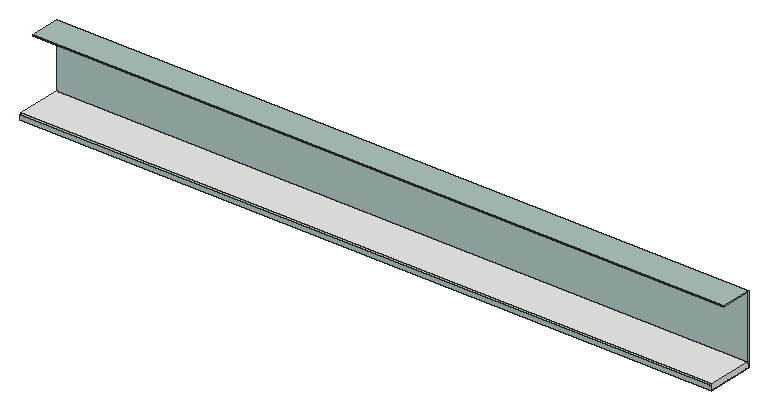
Revit family "Accessories-Teknion-CEAUS_Undercabinet_Accessory_Shelf-R2022", category Furniture, Revit 2022
Family settings
  OmniClass Number = 23.40.20.00
  OmniClass Title = General Furniture and Specialties
  Work Plane-Based = No
  Always vertical = Yes
  Cut with Voids When Loaded = No
  Render Appearance Source = Family Geometry
  Shared = Yes
  Room Calculation Point = No
Parameters (values of type "9" Height")
  Width [instance] = 90.000"
  Warranty = "http://www.teknion.com/ca/papers/legal-canada"
  Unit Weight URL = "http://www.teknion.com/ca/tools/assets#&asset=bee6a381-b954-425e-8283-5a2de3a804f2,f828d448-4b62-4231-9e5f-9a8991c0ed77"
  URL = "www.teknion.com"
  To render please download texture images found here [instance] = "https://assets.teknion.com/web/5e81352c1dfdb467/revit-material-swatches/"
  Sustainability Data = "https://www.teknion.com/ca/tools/assets#&topic=216f99a5-57a0-44fc-b10a-9dee9b29ae4c&asset=444deb64-fe58-4b68-981e-f75e97781df7,b4ff2d81-9f2e-437d-9659-7cffb09c31cf"
  Shelf Support Finish [instance] = Paint - Teknion - CP - Accent - Herbal
  Shelf Finish [instance] = Source Laminate - Teknion - RV - Very White
  Series = "Expansion Casework+"  # constant formula
  Product Page URL = "https://www.teknion.com/ca//products/product-details?productLineId=30ca1270-8e7a-673b-a6c8-ff05004460c4"
  Product Line = "Accessories"  # constant formula
  Product Documentation Link = "https://www.teknion.com/pricing/expansion-casework/pdfs/CEAUS_ppg.pdf"
  Part Number = "CEAUS"  # constant formula
  Model = "CEAUS06_09"
  Manufacturer Phone = "416-661-3370"  # constant formula
  Manufacturer Fax = "416.661.4586"  # constant formula
  Manufacturer Contact Information = "http://www.teknion.com/ca/contactus"
  Manufacturer Address = "1150 Flint Road, Toronto, ON. M3J 2J5. Canada"  # constant formula
  Manufacturer = "Teknion"  # constant formula
  How To Use Teknion Materials User Guide [instance] = "https://assets.teknion.com/m/205dd0a49fa58060/original/How-to-add-a-Material-Library-and-Texture-Images-to-your-Revit-project.pdf"
  Height = 63.000"
  For Additional Finishes please visit [instance] = "https://assets.teknion.com/m/44a8009b046e5d47/original/Teknion_Materials_Library.zip"
  Description = "Undercabinet Accessory Shelf, 06D,09H"
  Default Elevation = 0.000"
  Available Width = "24\"-90\" increment in 3\""  # constant formula
  Assembly Code = "E2020200"
Types (3): name | Shelf Support Finish | Shelf Finish | Model | Height | Description
  (no name) | Paint - Teknion - CP - Accent - Herbal | Source Laminate - Teknion - RV - Very White | "CEAUS06_09" | 63.000" | "Undercabinet Accessory Shelf, 06D,09H"
  9" Height | Paint - Teknion - CP - Accent - Herbal | Source Laminate - Teknion - RV - Very White | "CEAUS06_09" | 63.000" | "Undercabinet Accessory Shelf, 06D,09H"
  6" Height | Paint - Teknion - Mica - Titanium Grey | Foundation Laminate - Teknion - 2L - Costal Elm | "CEAUS06_06" | 60.000" | "Undercabinet Accessory Shelf, 06D,06H"
Reference planes (in)
  plane 1 "Center Front/Back": y = -3
  plane 2: z = 0
  plane 3 "Center Left/Right": x = 45
  plane 4 "Left": x = 0
  plane 5 "Right": x = 90
  plane 6 "Back": y = 0
  plane 7 "Front": y = -6
  plane 8 "Top": z = 63
  plane 9: z = 54
Forms (in)
  Sweep 1, solid, material "Paint - Teknion - CP - Accent - Herbal" <- "Shelf Support Finish"
    path origin (0, 0, 0) x (1, 0, 0) y (0, 1, 0)
      loop
        line (0, -3) -> (90, -3)
    profile origin (45, -3, 0) x (0, 1, 0) y (0, 0, 1)
      loop
        line (-1, 63) -> (-1, 62.9252) -> (2.9252, 62.9252) -> (2.9252, 54.0748) -> (-2.9252, 54.0748) -> (-2.9252, 54.55118) -> (-3, 54.55118) -> (-3, 54) -> (3, 54) -> (3, 63) -> (-1, 63)
  Sweep 2, solid, material "Source Laminate - Teknion - RV - Very White" <- "Shelf Finish"
    path origin (0, 0, 0) x (1, 0, 0) y (0, 1, 0)
      loop
        line (0, -3) -> (90, -3)
    profile origin (45, -3, 0) x (0, 1, 0) y (0, 0, 1)
      loop
        line (-2.9252, 54.77559) -> (-2.9252, 54.0748) -> (2.9252, 54.0748) -> (2.9252, 54.77559) -> (-2.9252, 54.77559)
Lines and regions (in)
  Masking region 1
    outline origin (0, 0, 0) x (1, 0, 0) y (0, 1, 0)
      loop
        line (0, 0) -> (0, -6) -> (90, -6) -> (90, 0) -> (0, 0)
  symbolic lines
    curve 1: line (0, -5.9252, 0) -> (90, -5.9252, 0)
    curve 2: line (0, -4, 0) -> (90, -4, 0)
  symbolic lines, style "FurnitureHiddenLines", detail levels medium+fine
    curve 3: line (0, -0.0748, 0) -> (90, -0.0748, 0)
Dimensions and locks (in)
  "Width": plane 4 "Left" to plane 5 "Right"
  locked: plane 6 "Back" to plane 7 "Front" at 6
  "Height": plane 8 "Top" to level
  equal spacing: plane 4 "Left", plane 3 "Center Left/Right", plane 5 "Right"
  equal spacing: plane 6 "Back", plane 1 "Center Front/Back", plane 7 "Front"
  locked: Sweep 1 sketch curve to Sweep 1 sketch curve at 0.0748  (x4)
  locked: plane 9 to plane 2 at 54
  locked: Sweep 2 sketch curve to Sweep 2 sketch curve at 0.70079
  aligned and locked: level to plane 2
  aligned and locked: Sweep 1 sketch curve to plane 1 "Center Front/Back"
  aligned and locked: plane 4 "Left" to Sweep 1 sketch curve
  aligned and locked: plane 5 "Right" to Sweep 1 sketch curve
  aligned and locked: Sweep 1 sketch curve to plane 8 "Top"
  aligned and locked: plane 6 "Back" to Sweep 1 sketch curve
  aligned and locked: Sweep 1 sketch curve to plane 7 "Front"
  aligned and locked: plane 9 to Sweep 1 sketch curve
  aligned and locked: Sweep 2 sketch curve to plane 1 "Center Front/Back"
  aligned and locked: plane 4 "Left" to Sweep 2 sketch curve
  aligned and locked: plane 5 "Right" to Sweep 2 sketch curve
  aligned and locked: Sweep 1 to Sweep 2 sketch curve
  aligned and locked: Sweep 2 sketch curve to Sweep 1  (x2)
  aligned and locked: Masking region 1 sketch curve to plane 6 "Back"
  aligned and locked: Masking region 1 sketch curve to plane 4 "Left"
  aligned and locked: Masking region 1 sketch curve to plane 7 "Front"
  aligned and locked: Masking region 1 sketch curve to plane 5 "Right"
  aligned and locked: curve 1 to Sweep 2
  aligned and locked: curve 2 to Sweep 1
  aligned and locked: curve 3 to Sweep 1
Automatic sketch dimensions
  profile plane to Sweep 1 sketch curve = 1.000"
  Sweep 1 sketch curve to Sweep 1 sketch curve = 0.47638"
  curve 1 to plane 4 "Left" = 0.000"
  curve 1 to plane 5 "Right" = 0.000"
  curve 2 to plane 4 "Left" = 0.000"
  curve 2 to plane 5 "Right" = 0.000"
  curve 3 to plane 4 "Left" = 0.000"
  curve 3 to plane 5 "Right" = 0.000"
